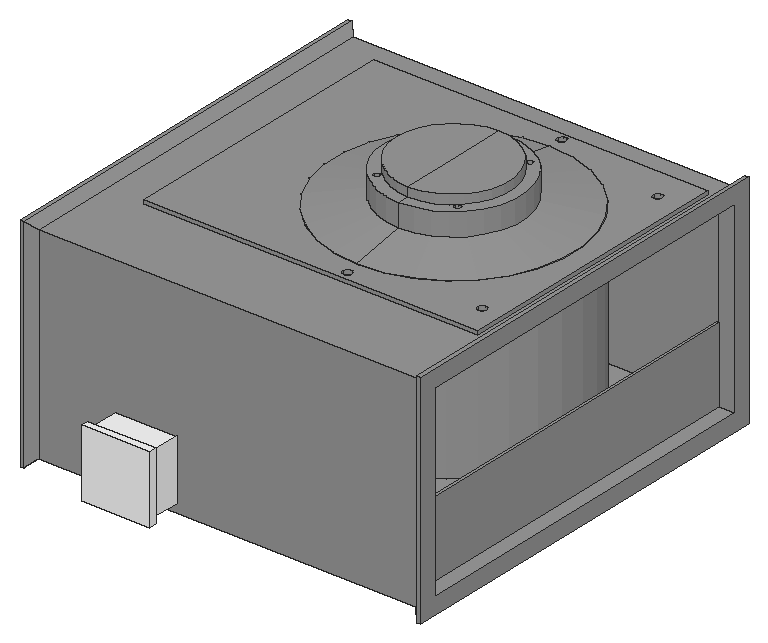
Revit family "RKB 500X250 E1 EC_7470037", category Mechanical Equipment, Revit 2014
Parameters (values of type "RKB 500X250 E1 EC")
  Wiring diagram = "4040175"
  Width = 532 mm
  Weight = 18.00 kg
  Voltage range = "200-277 V"
  Voltage = 230 V
  Speed = "2020 rpm"
  Sound pressure level at 3 m = "64 dB(A)"
  Power = 366 W
  Phase = 1
  Max. temperature of transported air when speed controlled = 60 °C
  Max. temperature of transported air = 60 °C
  Main Material = Steel, Galvanized
  Height = 342 mm
  Frequency = 50 Hz
  Elevation [instance] = 2600 mm
  Description = "UNINSULATED DUCT FANS WITH RECTANGULAR CONNECTIONS"
  Depth = 543 mm
  Current = 1.59 A
  Connector Height = 250 mm
  Connector Width = 500 mm
  Capacitor = "- μF"
Reference planes
  plane 1 "Center (Front/Back)": y = 0
  plane 2: z = 0
  plane 3 "Center (Left/Right)": x = 0
  plane 4: x = -266
  plane 5: x = 266
  plane 6: y = 271.5
  plane 7: y = -271.5
  plane 8: z = 2600
  plane 9: z = 2942
Dimensions and locks
  equal spacing: plane 4, plane 3 "Center (Left/Right)", plane 5
  "Width": plane 4 to plane 5
  equal spacing: plane 6, plane 1 "Center (Front/Back)", plane 7
  "Depth": plane 6 to plane 7
  "Elevation": plane 8 to level
  "Height": plane 9 to plane 8
  aligned and locked: level to plane 2
  aligned and locked: nested 1 to plane 1 "Center (Front/Back)"
  aligned and locked: plane 1 "Center (Front/Back)" to nested 2
  aligned and locked: plane 3 "Center (Left/Right)" to nested 2
  aligned and locked: nested 2 to plane 8
  aligned and locked: plane 3 "Center (Left/Right)" to nested 1
Nested families
  nested 1: "Flow direction symbol" at (0, 0, 0), type "Flow direction symbol"
  nested 2: "RKB" at (0, 0, 2600), type "RKB"
Connectors
  hvac at (-266, 0, 2771), driven by "Connector Height", driven by "Connector Width"
    settings: on nested 2, index 1, duct flow 0.0 L/s, flow factor 0, pres drop 0.0 Pa, loss coef 0, conn angle 0.00°, conn width 500 mm, conn height 250 mm, conn diameter 609.6 mm, duct sys type 1, conn prof type 1, flow config 0, flow direction 1, loss method 0, conn ref index -1, conn util no, is conn primary yes, conn desc ""
  hvac at (266, 0, 2771), driven by "Connector Height", driven by "Connector Width"
    settings: on nested 2, index 2, duct flow 0.0 L/s, flow factor 0, pres drop 0.0 Pa, loss coef 0, conn angle 0.00°, conn width 500 mm, conn height 250 mm, conn diameter 609.6 mm, duct sys type 3, conn prof type 1, flow config 0, flow direction 2, loss method 0, conn ref index -1, conn util no, is conn primary no, conn desc ""
  electrical at (-107.218, -311, 2661.5), driven by "Phase", driven by "Voltage", driven by "Power"
    settings: on nested 2, index 3, voltage 230 V, apparent load 0 VA, apparent load phase1 366 VA, apparent load phase2 0 VA, apparent load phase3 0 VA, power factor 1, load classification "HVAC", number of poles 1, system type 31, power factor state 1, is connector primary yes, connector utility no, sub classification motor no, connector description ""
Definition of nested family "RKB"
  Parameters (values of type "RKB")
    Width = 532 mm
    Main Material = Steel, Galvanized
    Height = 342 mm
    Description = ""
    Depth = 543 mm
    Connector Width = 500 mm
    Connector Heigth = 250 mm
  Reference planes
    plane 1 "Center (Front/Back)": y = 0
    plane 2: z = 0
    plane 3 "Center (Left/Right)": x = 0
    plane 4: x = -266
    plane 5: x = 266
    plane 6: y = 271.5
    plane 7: y = -271.5
    plane 8: z = 293
    plane 9: z = 119
    plane 10: x = -107.218
    plane 11: z = 146.5
    plane 12: z = 271.5
    plane 13: z = 21.5
    plane 14: y = 250
    plane 15: y = -250
    plane 16: z = 61.5
    plane 17: y = 24.017
    plane 18: z = 342
    plane 19: x = 57.762
    plane 20: y = 42.57
  Forms (mm)
    Sweep 1, solid, material "Steel, Galvanized" <- "Main Material", detail levels medium+fine
      path origin (-266, 864.407, 1200) x (0, 1, 0) y (0, 0, 1)
        loop
          line (-592.907, -1200) -> (-592.907, -907) -> (-1135.907, -907) -> (-1135.907, -1200) -> (-592.907, -1200)
      profile origin (-266, 271.5, 146.5) x (0, -1, 0) y (1, 0, 0)
        loop
          line (22.203, 21.231) -> (16.231, 21.231) -> (0, 5) -> (0, 0) -> (22.203, 0) -> (22.203, 21.231)
    Sweep 2, solid, material "Steel, Galvanized" <- "Main Material", detail levels medium+fine
      path origin (266, 864.407, 1200) x (0, 1, 0) y (0, 0, 1)
        loop
          line (-592.907, -1200) -> (-592.907, -907) -> (-1135.907, -907) -> (-1135.907, -1200) -> (-592.907, -1200)
      profile origin (266, 271.5, 146.5) x (0, -1, 0) y (1, 0, 0)
        loop
          line (22.203, -21.231) -> (22.203, 0) -> (0, 0) -> (0, -5) -> (16.231, -21.231) -> (22.203, -21.231)
    Sweep 3, solid, material "Steel, Galvanized" <- "Main Material", detail levels medium+fine
      path origin (0, 0, 0) x (1, 0, 0) y (0, 1, 0)
        loop
          line (-266, 0) -> (266, 0)
      profile origin (0, 0, 0) x (0, 1, 0) y (0, 0, 1)
        loop
          line (250, 271.5) -> (-250, 271.5) -> (-250, 21.5) -> (250, 21.5) -> (250, 271.5)
        loop
          line (-261, 282.5) -> (-261, 10.5) -> (261, 10.5) -> (261, 282.5) -> (-261, 282.5)
    Revolve 4, solid, material "Steel, Galvanized" <- "Main Material", detail levels medium+fine
      sketch origin (57.762, 22.597, 1332.69) x (0, -1, 0) y (0, 0, 1)
        loop
          line (-19.973, -1281.823) -> (-19.973, -990.69) -> (-94.973, -990.69) -> (-94.973, -1002.99) -> (-110.22, -1002.99) -> (-110.22, -1033.256) -> (-179.973, -1045.555) -> (-179.973, -1281.823) -> (-19.973, -1281.823)
        axis (-19.973, -990.69) -> (-19.973, -1281.823)
      angle from 0 to 360
    Sweep 5, void
      path origin (43.109, 35, 1200) x (-1, 0, 0) y (0, 0, 1)
        loop
          line (3.465, -962.633) -> (3.465, -827.633)
      profile origin (39.643, 35, 304.867) x (1, 0, 0) y (0, 1, 0)
        loop
          circle (172.958, 153.415) r 6
        loop
          circle (20.259, 184.988) r 6
        loop
          circle (178.469, -145.24) r 6
        loop
          circle (22.268, -173.196) r 6
        loop
          circle (-35.527, 67.572) r 4
        loop
          circle (71.765, 67.572) r 4
        loop
          circle (-35.527, -52.432) r 4
        loop
          circle (71.765, -52.432) r 4
    Sweep 6, solid, material "Steel, Galvanized" <- "Main Material", detail levels coarse
      path origin (0, 0, 0) x (1, 0, 0) y (0, 1, 0)
        loop
          line (-266, 0) -> (266, 0)
      profile origin (0, 0, 0) x (0, 1, 0) y (0, 0, 1)
        loop
          line (271.5, 342) -> (-271.5, 342) -> (-271.5, 0) -> (271.5, 0) -> (271.5, 342)
    Sweep 7, solid, material "Steel, Galvanized" <- "Main Material", detail levels medium+fine
      path origin (0, 0, 0) x (0, 1, 0) y (0, 0, 1)
        loop
          line (249.297, 22.203) -> (249.297, 122.203)
      profile origin (0, 249.297, 72.203) x (0, -1, 0) y (1, 0, 0)
        loop
          line (0, -244.769) -> (498.595, -244.769) -> (498.595, -241.769) -> (0, -241.769) -> (0, -244.769)
        loop
          line (0, 244.769) -> (0, 241.769) -> (498.595, 241.769) -> (498.595, 244.769) -> (0, 244.769)
    Sweep 8, solid, material "Plastic", detail levels medium+fine
      path origin (0, -5.731, -156.959) x (1, 0, 0) y (0, 1, 0)
        loop
          line (-107.218, -255.269) -> (-107.218, -295.269)
      profile origin (-107.218, -281, -156.959) x (1, 0, 0) y (0, 0, 1)
        loop
          line (-40, 178.459) -> (40, 178.459) -> (40, 258.459) -> (-40, 258.459) -> (-40, 178.459)
    Sweep 9, solid, material "Plastic", detail levels medium+fine
      path origin (0, -5.731, 0) x (1, 0, 0) y (0, 1, 0)
        loop
          line (-107.218, -295.269) -> (-107.218, -305.269)
      profile origin (-107.218, -306, 0) x (1, 0, 0) y (0, 0, 1)
        loop
          line (-45, 106.5) -> (-45, 16.5) -> (45, 16.5) -> (45, 106.5) -> (-45, 106.5)
    Extrusion 10, solid, material "Steel, Galvanized" <- "Main Material"
      sketch origin (0, 0, 0) x (0, 1, 0) y (0, 0, 1)
        loop
          line (231.189, 282.5) -> (231.189, 287.135) -> (-150, 287.135) -> (-150, 282.5) -> (231.189, 282.5)
      from -198.959 to 244.769
  Cuts and joins
    joined: Sweep 1, Sweep 2, Sweep 3
    Sweep 5 cuts Revolve 4
    Sweep 5 cuts Extrusion 10
  Dimensions and locks
    equal spacing: plane 4, plane 3 "Center (Left/Right)", plane 5
    "Width": plane 4 to plane 5
    equal spacing: plane 6, plane 1 "Center (Front/Back)", plane 7
    "Depth": plane 6 to plane 7
    Sweep 5 sketch curve to plane 8 to Sweep 5 sketch curve = 79.367 mm, 55.633 mm
    locked: Sweep 7 sketch curve to plane 2 at 22.203
    Sweep 7 sketch curve to Sweep 7 sketch curve = 100 mm
    locked: plane 6 to Sweep 7 sketch curve at 22.203  (x2)
    locked: plane 4 to Sweep 7 sketch curve at 21.231
    locked: Sweep 7 sketch curve to Sweep 7 sketch curve at 3  (x2)
    locked: Sweep 7 sketch curve to plane 7 at 22.203  (x2)
    locked: Sweep 7 sketch curve to plane 6 at 22.203
    locked: Sweep 7 sketch curve to plane 5 at 21.231
    Sweep 8 sketch curve to plane 7 to Sweep 8 sketch curve = 10.5 mm, 29.5 mm
    plane 7 to Sweep 9 sketch curve to Sweep 9 sketch curve = 29.5 mm, 10 mm locked
    equal spacing: plane 8, plane 11, plane 2
    "Connector Heigth": plane 12 to plane 13
    equal spacing: plane 12, plane 11, plane 13
    "Connector Width": plane 14 to plane 15
    equal spacing: plane 14, plane 1 "Center (Front/Back)", plane 15
    "Height": plane 18 to level
    aligned and locked: level to plane 2
    aligned and locked: Sweep 1 sketch curve to plane 6
    aligned and locked: plane 7 to Sweep 1 sketch curve
    aligned and locked: plane 2 to Sweep 1 sketch curve
    aligned and locked: Sweep 1 sketch curve to plane 8
    aligned and locked: Sweep 2 sketch curve to plane 8
    aligned and locked: plane 2 to Sweep 2 sketch curve
    aligned and locked: plane 7 to Sweep 2 sketch curve
    aligned and locked: Sweep 2 sketch curve to plane 6
    aligned and locked: plane 1 "Center (Front/Back)" to Sweep 3 sketch curve
    aligned and locked: plane 1 "Center (Front/Back)" to Sweep 6 sketch curve
    aligned and locked: plane 2 to Sweep 6 sketch curve
    aligned and locked: plane 7 to Sweep 6 sketch curve
    aligned and locked: Sweep 6 sketch curve to plane 6
    aligned and locked: plane 10 to Sweep 8 sketch curve
    aligned and locked: plane 10 to Sweep 9 sketch curve
    aligned and locked: plane 13 to Sweep 3 sketch curve
    aligned and locked: plane 15 to Sweep 3 sketch curve
    aligned and locked: Sweep 3 sketch curve to plane 12
    aligned and locked: Sweep 3 sketch curve to plane 14
    aligned and locked: Sweep 8 to plane 13
    aligned and locked: Sweep 6 sketch curve to plane 18
    aligned and locked: Sweep 6 to Revolve 4 sketch curve
  Automatic sketch dimensions
    Sweep 1 sketch curve to profile plane = 0 mm
    Sweep 1 sketch curve to plane 4 = 0 mm
    Sweep 1 sketch curve to profile plane = 16.231 mm
    Sweep 1 sketch curve to Sweep 1 sketch curve = 5.972 mm
    plane 4 to Sweep 1 sketch curve = 5 mm
    plane 4 to Sweep 1 sketch curve = 21.231 mm
    Sweep 2 sketch curve to profile plane = 0 mm
    Sweep 2 sketch curve to plane 5 = 0 mm
    Sweep 2 sketch curve to profile plane = 16.231 mm
    Sweep 2 sketch curve to Sweep 2 sketch curve = 5.972 mm
    Sweep 2 sketch curve to Sweep 2 sketch curve = 5 mm
    Sweep 2 sketch curve to Sweep 2 sketch curve = 21.231 mm
    Sweep 3 sketch curve to plane 4 = 0 mm
    Sweep 3 sketch curve to plane 5 = 0 mm
    Sweep 6 sketch curve to plane 4 = 0 mm
    Sweep 6 sketch curve to plane 5 = 0 mm
    profile plane to Sweep 8 sketch curve = 40 mm
    Sweep 8 sketch curve to profile plane = 40 mm
    level to Sweep 8 sketch curve = 21.5 mm
    Sweep 8 sketch curve to Sweep 8 sketch curve = 80 mm
    profile plane to Sweep 9 sketch curve = 45 mm
    Sweep 9 sketch curve to profile plane = 45 mm
    level to Sweep 9 sketch curve = 16.5 mm
    Sweep 9 sketch curve to Sweep 9 sketch curve = 90 mm
    plane 12 to Extrusion 10 sketch curve = 11 mm
    plane 15 to Extrusion 10 sketch curve = 100 mm
    Extrusion 10 sketch curve to plane 14 = 18.811 mm
    Extrusion 10 sketch curve to plane 8 = 5.865 mm
    level to Sweep 3 sketch curve = 10.5 mm
    Sweep 3 sketch curve to Sweep 3 sketch curve = 11 mm  (x3)
    profile plane to Sweep 5 sketch curve = 35.527 mm  (x2)
    Sweep 5 sketch curve to profile plane = 20.259 mm
    Sweep 5 sketch curve to profile plane = 22.268 mm
    Sweep 5 sketch curve to profile plane = 71.765 mm  (x2)
    Sweep 5 sketch curve to Sweep 5 sketch curve = 101.193 mm
    Sweep 5 sketch curve to Sweep 5 sketch curve = 106.704 mm
    Sweep 5 sketch curve to profile plane = 52.432 mm  (x2)
    Sweep 5 sketch curve to Sweep 5 sketch curve = 92.808 mm
    Sweep 5 sketch curve to Sweep 5 sketch curve = 120.764 mm
    profile plane to Sweep 5 sketch curve = 67.572 mm  (x2)
    Sweep 5 sketch curve to Sweep 5 sketch curve = 85.843 mm
    Sweep 5 sketch curve to Sweep 5 sketch curve = 117.417 mm
    Sweep 5 sketch curve to plane 19 = 18.119 mm
    Revolve 4 sketch curve to plane 20 = 0 mm  (x2)
    Revolve 4 sketch curve to plane 18 = 0 mm
    Revolve 4 sketch curve to plane 18 = 12.301 mm
    Revolve 4 sketch curve to plane 20 = 75 mm
    Revolve 4 sketch curve to Revolve 4 sketch curve = 15.247 mm
    Revolve 4 sketch curve to plane 8 = 5.865 mm
    Revolve 4 sketch curve to plane 14 = 47.43 mm
    plane 16 to Revolve 4 sketch curve = 10.633 mm
    plane 8 to Revolve 4 sketch curve = 6.434 mm
    plane 11 to Revolve 4 sketch curve = 3.892 mm
    radius of Sweep 5 sketch curve = 6 mm  (x4)
    radius of Sweep 5 sketch curve = 4 mm  (x4)
Definition of nested family "Flow direction symbol"
  Parameters (values of type "Flow direction symbol")
    Warning = "!"
    Text = "DIMENSIONS OVERCONSTRAINT"
  Reference planes
    plane 1: y = 0
    plane 2: x = 0
  Lines and regions (mm)
    detail lines
      curve 1: line (-0.506, 0.877, 0) -> (-0.506, -0.877, 0)
      curve 2: line (1.012, 0, 0) -> (-0.506, -0.877, 0)
      curve 3: line (-0.506, 0.877, 0) -> (1.012, 0, 0)
      curve 4: circle (0, 0, 0) r 1 normal (0, 0, 1)
